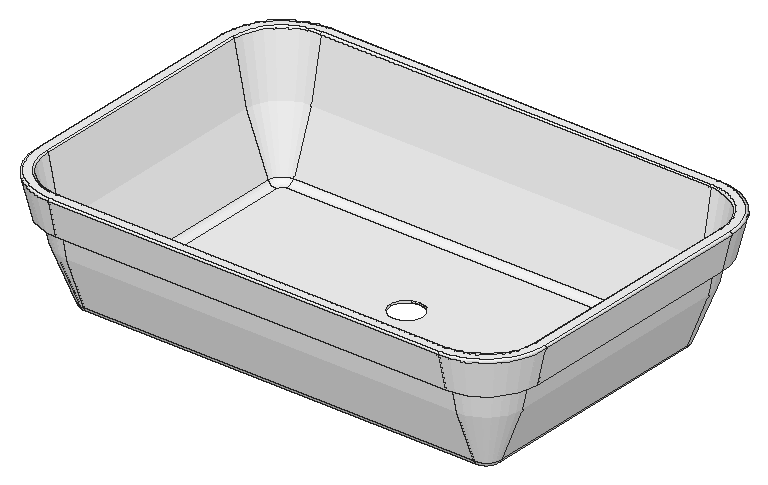
Revit family "SOUL 2 Inset", category Plumbing Fixtures, Revit 2013
Parameters (values of type "Soul 2 Inset")
  Weight = "16 kg"
  URL = "http://www.studiobagno.com.au/product/soul-2"
  Product Code = "SOL07"
  Plug & Waste = "32mm non-overflow plug & waste not included"
  Model = "Soul 2 Inset"
  Manufacturer = "Studio Bagno"
  Dimensions = "W 550 mm x H  130 mm x D  380 mm"
  Description = "Soul is the ultimate basin series from Studio Bagno comprising a broad range of bench, wall and inset basins. All feature Studio Bagno's trademark fine walls coupled with remarkably sinuous and sensuous curves. This creates an entirely new and directional aesthetic."
  Colour = White Ceramic
Reference planes
  plane 1 "Center (Front/Back)": y = 0
  plane 2: z = 0
  plane 3 "Center (Left/Right)": x = 0
Forms (mm)
  Sweep 1, solid, material "White Ceramic"
    path origin (0, 0, 132) x (1, 0, 0) y (0, 1, 0)
      loop
        arc (-210, 190) -> (-255.962, 170.962) -> (-275, 125) r 65
        line (-275, 125) -> (-275, -125)
        arc (-275, -125) -> (-255.962, -170.962) -> (-210, -190) r 65
        line (-210, -190) -> (210, -190)
        arc (210, -190) -> (255.962, -170.962) -> (275, -125) r 65
        line (275, -125) -> (275, 125)
        arc (275, 125) -> (255.962, 170.962) -> (210, 190) r 65
        line (210, 190) -> (-210, 190)
    profile origin (0, -190, 132) x (0, -1, 0) y (0, 0, 1)
      loop
        line (-10, -40) -> (-0.621, -2.485)
        arc (-0.621, -2.485) -> (-0.985, -0.769) -> (-2.562, 0) r 2
        line (-2.562, 0) -> (-10.938, 0)
        arc (-10.938, 0) -> (-12.169, -0.424) -> (-12.879, -1.515) r 2
        arc (-12.879, -1.515) -> (-25.949, -64.495) -> (-49.358, -124.407) r 383.664
        arc (-49.358, -124.407) -> (-53.046, -128.487) -> (-58.334, -130) r 10
        line (-58.334, -130) -> (-63.21, -130) -> (-63.21, -132) -> (-58.334, -132)
        arc (-58.334, -132) -> (-51.989, -130.185) -> (-47.563, -125.289) r 12
        arc (-47.563, -125.289) -> (-25.37, -69.477) -> (-12.113, -10.896) r 385.664
        line (-12.113, -10.896) -> (-7.724, -10.896) -> (-15, -40) -> (-10, -40)
  Extrusion 2, solid, material "White Ceramic"
    sketch origin (0, 0, 0) x (1, 0, 0) y (0, 1, 0)
      loop
        arc (-210, 126.79) -> (-211.266, 126.266) -> (-211.79, 125) r 1.79
        line (-211.79, 125) -> (-211.79, -125)
        arc (-211.79, -125) -> (-211.266, -126.266) -> (-210, -126.79) r 1.79
        line (-210, -126.79) -> (210, -126.79)
        arc (210, -126.79) -> (211.266, -126.266) -> (211.79, -125) r 1.79
        line (211.79, -125) -> (211.79, 125)
        arc (211.79, 125) -> (211.266, 126.266) -> (210, 126.79) r 1.79
        line (210, 126.79) -> (-210, 126.79)
      loop
        circle (0, 29.88) r 17.5
    from 0 to 2
Cuts and joins
  joined: Sweep 1, Extrusion 2
Lines and regions (mm)
  Masking region 1
    outline origin (0, 0, 0) x (1, 0, 0) y (0, 1, 0)
      loop
        arc (-209.449, 189.355) -> (-255.411, 170.317) -> (-274.449, 124.355) r 65
        line (-274.449, 124.355) -> (-274.449, -124.512)
        arc (-274.449, -124.512) -> (-255.411, -170.474) -> (-209.449, -189.512) r 65
        line (-209.449, -189.512) -> (209.449, -189.512)
        arc (209.449, -189.512) -> (255.411, -170.474) -> (274.449, -124.512) r 65
        line (274.449, -124.512) -> (274.449, 124.355)
        arc (274.449, 124.355) -> (255.411, 170.317) -> (209.449, 189.355) r 65
        line (209.449, 189.355) -> (-209.449, 189.355)
  symbolic lines
    curve 1: line (210, 177.121, 0) -> (-210, 177.121, 0)
    curve 2: arc (-210, 177.121, 0) -> (-246.855, 161.855, 0) -> (-262.121, 125, 0) r 52.121
    curve 3: line (-262.121, 125, 0) -> (-262.121, -125, 0)
    curve 4: arc (-262.121, -125, 0) -> (-246.855, -161.855, 0) -> (-210, -177.121, 0) r 52.121
    curve 5: line (-210, -177.121, 0) -> (210, -177.121, 0)
    curve 6: arc (210, -177.121, 0) -> (246.855, -161.855, 0) -> (262.121, -125, 0) r 52.121
    curve 7: line (262.121, -125, 0) -> (262.121, 125, 0)
    curve 8: arc (262.121, 125, 0) -> (246.855, 161.855, 0) -> (210, 177.121, 0) r 52.121
    curve 9: arc (-17.5, 29.88, 0) -> (0, 47.38, 0) -> (17.5, 29.88, 0) r 17.5
    curve 10: arc (17.5, 29.88, 0) -> (0, 12.38, 0) -> (-17.5, 29.88, 0) r 17.5
Dimensions and locks
  aligned and locked: level to plane 2
